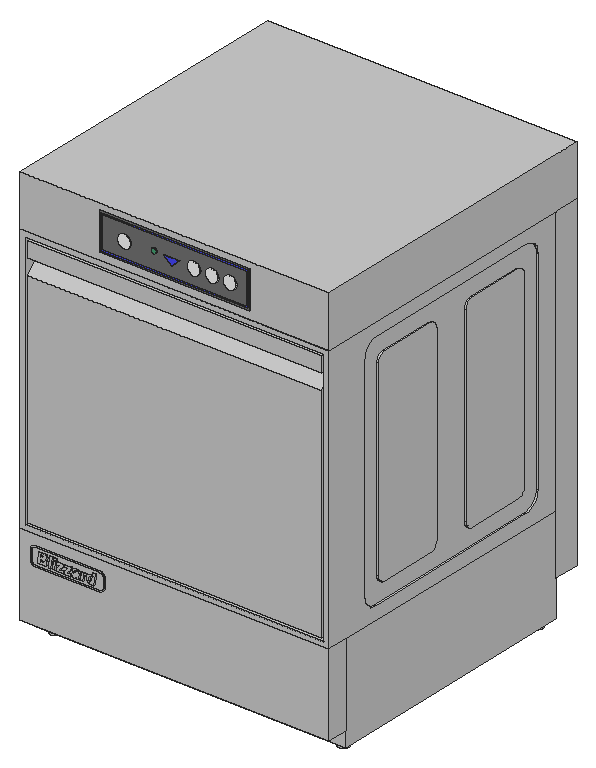
Revit family "QF_BLIZZARD_STORM50DP", category Specialty Equipment, Revit 2016
Family settings
  Part Type = Normal
  Round Connector Dimension = Use Diameter
  OmniClass Number = 23.40.40.14.31
  OmniClass Title = Cleaning and Disposal Equipment
  Work Plane-Based = No
  Always vertical = Yes
  Cut with Voids When Loaded = No
  Shared = No
  Room Calculation Point = No
Parameters (values of type "STORM50DP")
  URL = "www.blizzardequipment.com"
  Show Logo [instance] = yes
  Show Clearance [instance] = yes
  Model = "STORM50DP"
  Manufacturer = "BLIZZARD"
  Legs height [instance] = 170 mm
  Description = "STORM GLASSWASHER 500X500MM WITH DRAIN PUMP"
  Assembly Code = "E1090320"
Reference planes
  plane 1 "Back": y = 0
  plane 2: z = 0
  plane 3 "Left": x = 0
  plane 4 "Right": x = 600
  plane 5 "Front": y = -600
  plane 6 "Top": z = 820
Forms (mm)
  Extrusion 1, solid
    sketch origin (50, 687.394, 40) x (0, -1, 0) y (0, 0, 1)
      loop
        line (687.394, 680.013) -> (687.394, 42.551) -> (737.394, 42.551) -> (737.394, 680.013) -> (687.394, 680.013)
    from -550 to 50
  Extrusion 2, solid
    sketch origin (50, 577.394, 145) x (0, -1, 0) y (0, 0, 1)
      loop
        line (577.394, 675) -> (577.394, 575.013) -> (1177.394, 575.013) -> (1177.394, 675) -> (577.394, 675)
    from -550 to 50
  Extrusion 3, solid
    sketch origin (50, 577.394, -370) x (0, -1, 0) y (0, 0, 1)
      loop
        line (627.394, 570) -> (627.394, 381.179) -> (1137.394, 381.179) -> (1137.394, 570) -> (627.394, 570)
    from -550 to 50
  Extrusion 4, solid
    sketch origin (5.431, 66.549, -127.332) x (0, 1, 0) y (0, 0, 1)
      loop
        line (-193.549, 402.332) -> (-193.549, 772.345)
        arc (-193.549, 772.345) -> (-197.942, 782.952) -> (-208.549, 787.345) r 15
        line (-208.549, 787.345) -> (-318.549, 787.345)
        arc (-318.549, 787.345) -> (-329.155, 782.952) -> (-333.549, 772.345) r 15
        line (-333.549, 772.345) -> (-333.549, 402.332)
        arc (-333.549, 402.332) -> (-329.155, 391.725) -> (-318.549, 387.332) r 15
        line (-318.549, 387.332) -> (-208.549, 387.332)
        arc (-208.549, 387.332) -> (-197.942, 391.725) -> (-193.549, 402.332) r 15
      loop
        line (-406.549, 402.332) -> (-406.549, 772.345)
        arc (-406.549, 772.345) -> (-410.942, 782.952) -> (-421.549, 787.345) r 15
        line (-421.549, 787.345) -> (-531.549, 787.345)
        arc (-531.549, 787.345) -> (-542.155, 782.952) -> (-546.549, 772.345) r 15
        line (-546.549, 772.345) -> (-546.549, 402.332)
        arc (-546.549, 402.332) -> (-542.155, 391.725) -> (-531.549, 387.332) r 15
        line (-531.549, 387.332) -> (-421.549, 387.332)
        arc (-421.549, 387.332) -> (-410.942, 391.725) -> (-406.549, 402.332) r 15
    from -5.431 to -0.431
  Extrusion 5, solid
    sketch origin (594.569, 66.549, -130) x (0, 1, 0) y (0, 0, -1)
      loop
        arc (-193.549, -405) -> (-197.942, -394.393) -> (-208.549, -390) r 15
        line (-208.549, -390) -> (-318.549, -390)
        arc (-318.549, -390) -> (-329.155, -394.393) -> (-333.549, -405) r 15
        line (-333.549, -405) -> (-333.549, -775.013)
        arc (-333.549, -775.013) -> (-329.155, -785.62) -> (-318.549, -790.013) r 15
        line (-318.549, -790.013) -> (-208.549, -790.013)
        arc (-208.549, -790.013) -> (-197.942, -785.62) -> (-193.549, -775.013) r 15
        line (-193.549, -775.013) -> (-193.549, -405)
      loop
        arc (-406.549, -405) -> (-410.942, -394.393) -> (-421.549, -390) r 15
        line (-421.549, -390) -> (-531.549, -390)
        arc (-531.549, -390) -> (-542.155, -394.393) -> (-546.549, -405) r 15
        line (-546.549, -405) -> (-546.549, -775.013)
        arc (-546.549, -775.013) -> (-542.155, -785.62) -> (-531.549, -790.013) r 15
        line (-531.549, -790.013) -> (-421.549, -790.013)
        arc (-421.549, -790.013) -> (-410.942, -785.62) -> (-406.549, -775.013) r 15
        line (-406.549, -775.013) -> (-406.549, -405)
    from -5.431 to -0.431
  Extrusion 6, solid
    sketch origin (0, 0, -130) x (1, 0, 0) y (0, 0, 1)
      loop
        line (0, 850.013) -> (0, 330) -> (600, 330) -> (600, 850.013) -> (0, 850.013)
      loop
        line (10, 840.013) -> (10, 340) -> (590, 340) -> (590, 840.013) -> (10, 840.013)
    from 50 to 600
  Extrusion 7, solid
    sketch origin (0, 20, -135) x (0, 1, 0) y (0, 0, 1)
      loop
        line (-620, 810.013) -> (-610.417, 810.013) -> (-610.417, 828.455) -> (-590.417, 828.455) -> (-590.417, 809.243) -> (-620, 779.66) -> (-620, 350) -> (-580, 350) -> (-580, 840.013) -> (-620, 840.013) -> (-620, 810.013)
    from 15 to 585
  Extrusion 8, solid
    sketch origin (0, 20, 40) x (0, 1, 0) y (0, 0, 1)
      loop
        line (-580, 160) -> (-620, 160) -> (-620, 0) -> (-580, 0) -> (-580, 160)
    from 0 to 600
  Extrusion 9, solid
    sketch origin (0, -415, -130) x (0, 1, 0) y (0, 0, 1)
      loop
        line (-135, 840.013) -> (-145, 840.013) -> (-145, 340) -> (-135, 340) -> (-135, 840.013)
    from 10 to 590
  Extrusion 10, solid
    sketch origin (-99.268, -599.5, -21.974) x (-1, 0, 0) y (0, 0, 1)
      loop
        line (-545, 830) -> (-545, 757.559) -> (-253.536, 757.559) -> (-253.536, 830) -> (-545, 830)
    from -1 to 1
  Extrusion 11, solid, visible <- "Show Logo"
    sketch origin (-177.291, -599.5, -632.856) x (-1, 0, 0) y (0, 0, 1)
      loop
        line (-207.755, 812.856) -> (-331.271, 812.856)
        arc (-331.271, 812.856) -> (-338.67, 809.791) -> (-341.735, 802.392) r 10.464
        line (-341.735, 802.392) -> (-341.735, 787.392)
        arc (-341.735, 787.392) -> (-338.67, 779.993) -> (-331.271, 776.928) r 10.464
        line (-331.271, 776.928) -> (-207.755, 776.928)
        arc (-207.755, 776.928) -> (-200.356, 779.993) -> (-197.291, 787.392) r 10.464
        line (-197.291, 787.392) -> (-197.291, 802.392)
        arc (-197.291, 802.392) -> (-200.356, 809.791) -> (-207.755, 812.856) r 10.464
      loop
        line (-207.755, 810.856) -> (-331.271, 810.856)
        arc (-331.271, 810.856) -> (-337.256, 808.377) -> (-339.735, 802.392) r 8.464
        line (-339.735, 802.392) -> (-339.735, 787.392)
        arc (-339.735, 787.392) -> (-337.256, 781.407) -> (-331.271, 778.928) r 8.464
        line (-331.271, 778.928) -> (-207.755, 778.928)
        arc (-207.755, 778.928) -> (-201.77, 781.407) -> (-199.291, 787.392) r 8.464
        line (-199.291, 787.392) -> (-199.291, 802.392)
        arc (-199.291, 802.392) -> (-201.77, 808.377) -> (-207.755, 810.856) r 8.464
    from -1 to 1
  Extrusion 12, solid, visible <- "Show Logo"
    sketch origin (3.606, 21, -76.918) x (1, 0, 0) y (0, 0, 1)
      loop
        line (30.587, 228.481) -> (44.749, 228.857)
        arc (44.749, 228.857) -> (49.768, 233.478) -> (47.063, 239.741) r 5.894
        arc (47.063, 239.741) -> (48.729, 246.617) -> (42.285, 249.538) r 5.547
        line (42.285, 249.538) -> (33.172, 249.538) -> (30.587, 228.481)
      loop
        line (36.658, 232.978) -> (42.704, 232.978)
        arc (42.704, 232.978) -> (44.625, 234.898) -> (42.704, 236.819) r 1.921
        line (42.704, 236.819) -> (37.13, 236.819) -> (36.658, 232.978)
      loop
        line (37.256, 241.423) -> (42.802, 241.423)
        arc (42.802, 241.423) -> (44.723, 243.344) -> (42.802, 245.264) r 1.921
        line (42.802, 245.264) -> (37.728, 245.264) -> (37.256, 241.423)
      loop
        line (52.105, 228.421) -> (57.105, 228.421) -> (59.698, 249.538) -> (54.698, 249.538) -> (52.105, 228.421)
      loop
        line (60, 228.421) -> (65, 228.421) -> (66.892, 243.832) -> (61.892, 243.832) -> (60, 228.421)
      loop
        line (61.983, 244.575) -> (67.494, 244.575) -> (68.103, 249.538) -> (62.593, 249.538) -> (61.983, 244.575)
      loop
        line (68.784, 239.859) -> (74.946, 239.859) -> (67.947, 231.215) -> (67.947, 228.421) -> (81.379, 228.421) -> (81.379, 232.273) -> (75.019, 232.273) -> (82.004, 240.899) -> (82.004, 243.832) -> (69.272, 243.832) -> (68.784, 239.859)
      loop
        line (83.284, 239.859) -> (89.446, 239.859) -> (82.447, 231.215) -> (82.447, 228.421) -> (95.879, 228.421) -> (95.879, 232.273) -> (89.519, 232.273) -> (96.504, 240.899) -> (96.504, 243.832) -> (83.772, 243.832) -> (83.284, 239.859)
      loop
        arc (103.395, 238.896) -> (105.439, 241.195) -> (106.867, 238.469) r 1.87
        line (106.867, 238.469) -> (101.835, 237.44)
        arc (101.835, 237.44) -> (98.76, 230.604) -> (106.218, 229.849) r 4.62
        line (106.218, 229.849) -> (107.645, 228.421) -> (112.645, 228.421) -> (111.375, 230.622) -> (112.465, 239.505)
        arc (112.465, 239.505) -> (105.449, 244.583) -> (98.432, 239.505) r 7.387
        line (98.432, 239.505) -> (103.395, 238.896)
      loop
        line (114.231, 228.421) -> (119.218, 228.421) -> (120.249, 236.819)
        arc (120.249, 236.819) -> (122.276, 239.388) -> (125.515, 239.859) r 4.419
        line (125.515, 239.859) -> (126.961, 243.832) -> (123.41, 243.832) -> (121.123, 242.512) -> (121.123, 243.832) -> (116.123, 243.832) -> (114.231, 228.421)
      loop
        arc (137.816, 242.746) -> (125.76, 237.684) -> (136.057, 229.626) r 7.581
        line (136.057, 229.626) -> (136.057, 228.421) -> (141.057, 228.421) -> (143.65, 249.538) -> (138.65, 249.538) -> (137.816, 242.746)
      loop
        spline (133.323, 232.229) -> (134.09, 232.277) -> (134.838, 232.6) -> (135.517, 233.178) -> (136.081, 233.97) -> (136.492, 234.924) -> (136.72, 235.972) -> (136.752, 237.045) -> (136.584, 238.069) -> (136.229, 238.975) -> (135.709, 239.7) -> (135.062, 240.195) -> (134.33, 240.426)
        spline (134.33, 240.426) -> (133.564, 240.379) -> (132.816, 240.055) -> (132.136, 239.477) -> (131.572, 238.685) -> (131.162, 237.732) -> (130.933, 236.683) -> (130.901, 235.61) -> (131.069, 234.586) -> (131.425, 233.681) -> (131.944, 232.956) -> (132.592, 232.46) -> (133.323, 232.229)
    from 620 to 622
  Extrusion 13, solid, visible <- "Show Clearance", detail levels coarse
    sketch origin (0, -415, -170) x (0, 1, 0) y (0, 0, 1)
      loop
        line (-185, 385) -> (-185, 875.013)
        arc (-185, 875.013) -> (-531.492, 731.492) -> (-675.013, 385) r 490.013
        line (-675.013, 385) -> (-185, 385)
    from 15 to 585
  Extrusion 14, solid
    sketch origin (-17.519, 49.541, 0) x (1, 0, 0) y (0, 1, 0)
      loop
        circle (37.519, -589.541) r 5
    from 5.109 to 11.179
  Extrusion 15, solid
    sketch origin (-17.519, 49.541, 0) x (1, 0, 0) y (0, 1, 0)
      loop
        circle (37.519, -589.541) r 10
    from 0 to 5.109
  Extrusion 16, solid
    sketch origin (-17.519, -659.541, 0) x (1, 0, 0) y (0, 1, 0)
      loop
        circle (37.519, 589.541) r 5
    from 5.109 to 11.179
  Extrusion 17, solid
    sketch origin (-17.519, -659.541, 0) x (1, 0, 0) y (0, 1, 0)
      loop
        circle (37.519, 589.541) r 10
    from 0 to 5.109
  Extrusion 18, solid
    sketch origin (617.519, 49.541, 0) x (-1, 0, 0) y (0, -1, 0)
      loop
        circle (37.519, 589.541) r 5
    from 5.109 to 11.179
  Extrusion 19, solid
    sketch origin (617.519, 49.541, 0) x (-1, 0, 0) y (0, -1, 0)
      loop
        circle (37.519, 589.541) r 10
    from 0 to 5.109
  Extrusion 20, solid
    sketch origin (617.519, -659.541, 0) x (-1, 0, 0) y (0, -1, 0)
      loop
        circle (37.519, -589.541) r 5
    from 5.109 to 11.179
  Extrusion 21, solid
    sketch origin (617.519, -659.541, 0) x (-1, 0, 0) y (0, -1, 0)
      loop
        circle (37.519, -589.541) r 10
    from 0 to 5.109
  Extrusion 22, void
    sketch origin (8.942, 88.818, -170) x (0, 1, 0) y (0, 0, 1)
      loop
        line (-180.818, 425) -> (-180.818, 835.013)
        arc (-180.818, 835.013) -> (-189.605, 856.227) -> (-210.818, 865.013) r 30
        line (-210.818, 865.013) -> (-573.818, 865.013)
        arc (-573.818, 865.013) -> (-595.032, 856.227) -> (-603.818, 835.013) r 30
        line (-603.818, 835.013) -> (-603.818, 425)
        arc (-603.818, 425) -> (-595.032, 403.787) -> (-573.818, 395) r 30
        line (-573.818, 395) -> (-210.818, 395)
        arc (-210.818, 395) -> (-189.605, 403.787) -> (-180.818, 425) r 30
    from -13.942 to -3.942
  Extrusion 23, void
    sketch origin (591.058, 66.818, -170) x (0, 1, 0) y (0, 0, -1)
      loop
        arc (-158.818, -425) -> (-167.605, -403.787) -> (-188.818, -395) r 30
        line (-188.818, -395) -> (-551.818, -395)
        arc (-551.818, -395) -> (-573.032, -403.787) -> (-581.818, -425) r 30
        line (-581.818, -425) -> (-581.818, -835.013)
        arc (-581.818, -835.013) -> (-573.032, -856.227) -> (-551.818, -865.013) r 30
        line (-551.818, -865.013) -> (-188.818, -865.013)
        arc (-188.818, -865.013) -> (-167.605, -856.227) -> (-158.818, -835.013) r 30
        line (-158.818, -835.013) -> (-158.818, -425)
    from -13.942 to -3.942
  Extrusion 24, solid
    sketch origin (36.634, 21, 0) x (1, 0, 0) y (0, 0, 1)
      loop
        circle (166.253, 770.64) r 12.423
    from 620 to 622
  Extrusion 25, solid
    sketch origin (171.634, 21, 0) x (1, 0, 0) y (0, 0, 1)
      loop
        circle (166.253, 770.64) r 12.423
    from 620 to 622
  Extrusion 26, solid
    sketch origin (206.634, 21, 0) x (1, 0, 0) y (0, 0, 1)
      loop
        circle (166.253, 770.64) r 12.423
    from 620 to 622
  Extrusion 27, solid
    sketch origin (241.634, 21, 0) x (1, 0, 0) y (0, 0, 1)
      loop
        circle (166.253, 770.64) r 12.423
    from 620 to 622
  Extrusion 28, solid
    sketch origin (94.211, 21, 4.386) x (1, 0, 0) y (0, 0, 1)
      loop
        circle (166.253, 770.64) r 5
    from 620 to 622
  Extrusion 29, solid
    sketch origin (-99.268, -600, -26.974) x (-1, 0, 0) y (0, 0, 1)
      loop
        line (-540, 830) -> (-540, 767.559) -> (-258.536, 767.559) -> (-258.536, 830) -> (-540, 830)
      loop
        line (-542, 832) -> (-542, 765.559) -> (-256.536, 765.559) -> (-256.536, 832) -> (-542, 832)
    from -1 to 1
  Extrusion 30, solid
    sketch origin (-99.268, -600, -56.974) x (-1, 0, 0) y (0, 0, 1)
      loop
        line (-409.732, 832) -> (-394.732, 817) -> (-379.732, 832) -> (-409.732, 832)
    from -1 to 1
Cuts and joins
  Extrusion 23 cuts Extrusion 4
  Extrusion 22, Extrusion 23 cuts Extrusion 6
Lines and regions (mm)
  reference lines
    curve 1: line (0, -183.475, 1485) -> (0, -697.791, 1021.908)
  symbolic lines, style "200-EquipBorder-2D"
    curve 2: line (0, 0, 0) -> (600, 0, 0)
    curve 3: line (0, -600, 0) -> (0, 0, 0)
    curve 4: line (600, -600, 0) -> (0, -600, 0)
    curve 5: line (600, 0, 0) -> (600, -600, 0)
  symbolic lines, style "QF_Door-Drawer Clearances", visible <- "Show Clearance"
    curve 6: line (15, -600, 0) -> (15, -1090.013, 0)
    curve 7: line (15, -1090.013, 0) -> (585, -1090.013, 0)
    curve 8: line (585, -1090.013, 0) -> (585, -600, 0)
Dimensions and locks
  plane 3 "Left" to plane 4 "Right" = 600 mm
  plane 5 "Front" to plane 1 "Back" = 600 mm
  plane 1 "Back" to plane 5 "Front" = 600 mm
  plane 4 "Right" to plane 3 "Left" = 600 mm
  plane 6 "Top" to level = 820 mm  (x2)
  aligned and locked: level to plane 2
